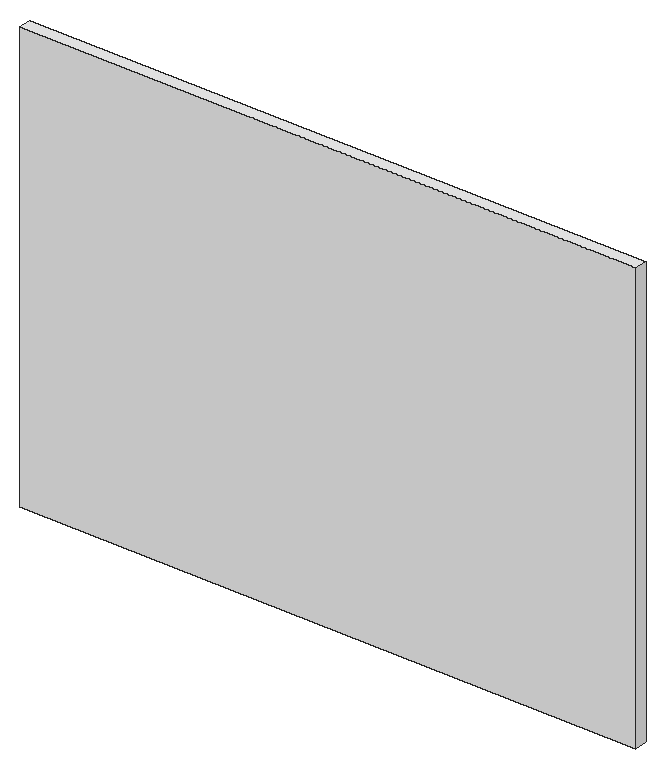
Revit family
Parameters (values of type "50x35 mm")
  Switch Material = Plastic
  Mounting Height = 1000 mm
Reference planes
  plane 1: y = 0
  plane 2 "Center (Left/Right)": x = 125
  plane 3 "Back": y = 75
  plane 4: z = 1000
Forms (mm)
  Extrusion 1, solid, material "Plastic" <- "Switch Material"
    sketch origin (0, 75, 0) x (1, 0, 0) y (0, 0, 1)
      loop
        line (150, 1000) -> (150, 1035) -> (100, 1035) -> (100, 1000) -> (150, 1000)
    from 0 to -1
  Extrusion 2, solid, material "Plastic" <- "Switch Material"
    sketch origin (0, 75, 0) x (1, 0, 0) y (0, 0, 1)
      loop
        circle (125, 1017.5) r 9.562
    from -1 to -10
Lines and regions (mm)
  symbolic lines
    curve 1: line (115.438, 85, 0) -> (134.562, 85, 0)
    curve 2: line (115.438, 76, 0) -> (115.438, 85, 0)
    curve 3: line (150, 76, 0) -> (100, 76, 0)
    curve 4: line (134.562, 85, 0) -> (134.562, 76, 0)
    curve 5: line (100, 76, 0) -> (100, 75, 0)
    curve 6: line (100, 75, 0) -> (150, 75, 0)
    curve 7: line (150, 76, 0) -> (150, 75, 0)
Text (mm)
  text "Placement side" at (-1867.185, 1116.779, 0), in view "Ref. Level"
  text "Placement side" at (0, 1270.507, 3001.832), in view "Left"
  text "Placement side" at (0, 530.812, 2999.686), in view "Right"
Dimensions and locks
  locked: plane 3 "Back" to host wall
  "Mounting Height": level to plane 4
  aligned and locked: plane 1 to host wall
  aligned and locked: Extrusion 2 to Extrusion 1
  aligned and locked: Extrusion 1 to host wall
  aligned and locked: curve 1 to Extrusion 2
  aligned and locked: curve 5 to Extrusion 1  (x2)
  aligned and locked: Extrusion 1 to curve 5
  aligned and locked: Extrusion 1 to curve 7
  aligned and locked: curve 7 to Extrusion 1
Automatic sketch dimensions
  curve 2 to plane 2 "Center (Left/Right)" = 9.562 mm
  plane 2 "Center (Left/Right)" to curve 1 = 9.562 mm
  Extrusion 1 sketch curve to plane 4 = 0 mm
  Extrusion 1 sketch curve to plane 2 "Center (Left/Right)" = 25 mm
  plane 2 "Center (Left/Right)" to Extrusion 1 sketch curve = 25 mm
  Extrusion 1 sketch curve to plane 4 = 35 mm
  Extrusion 2 sketch curve to plane 2 "Center (Left/Right)" = 0 mm
  Extrusion 2 sketch curve to plane 4 = 17.5 mm
  radius of Extrusion 2 sketch curve = 9.562 mm
